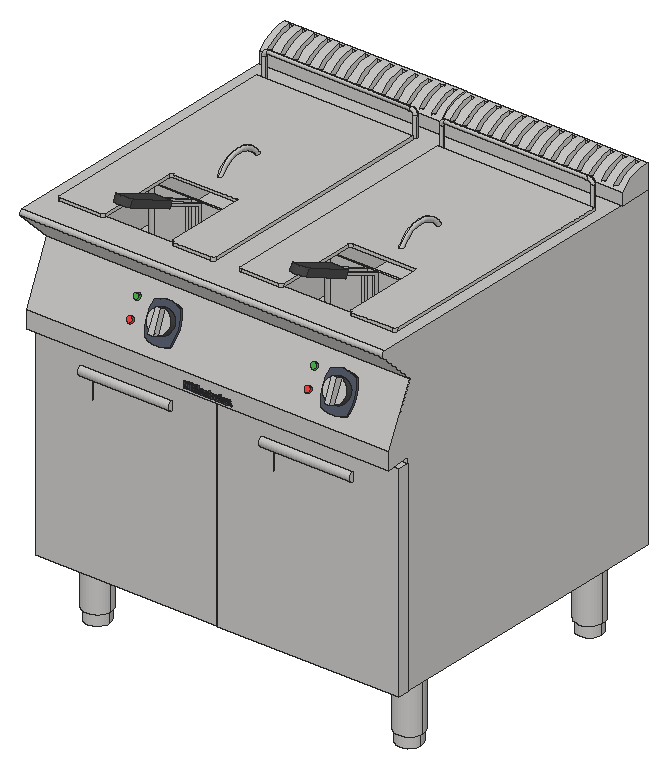
Revit family "QF_ELECTROLUXPROFESSIONAL_371082_E7FREH2GF0", category Specialty Equipment, Revit 2018
Family settings
  Round Connector Dimension = Use Diameter
  Part Type = Normal
  Work Plane-Based = No
  Always vertical = Yes
  Cut with Voids When Loaded = No
  Shared = No
  Room Calculation Point = No
Parameters
  Width = 800 mm  # constant formula
  Weight in Pounds = 179  # constant formula
  Watts = 20000 VA  # 20000 W
  Volts = 400 V  # constant formula
  URL Cutsheet = "www.electrolux.com/foodservice"
  URL = "www.electrolux.com/foodservice"
  Type Mark [instance] = ""
  Status [instance] = ""
  Specification by User [instance] = ""
  Specification by Manufacturer = ""
  Show Logo [instance] = yes
  Show Clearance [instance] = yes
  Serial Number = ""
  Seismic Rating = ""
  SMACNA No = ""
  Revision Code [instance] = ""
  Phase = 3  # constant formula
  Omniclass Number and Title = ""
  Number of Poles [instance] = 1
  NAFEM Spec ID Number = ""
  Model = "371082"
  Min Ckt Ampacity = 0 A
  Max Overcurrent Protection = 0 A
  Masterspec = ""
  Manufacturer = "ELECTROLUX"
  Item Number [instance] = ""
  Installed By [instance] = ""
  Identify Quantity as Lot [instance] = yes
  Height = 333 mm  # constant formula
  HP = "26.8 HP"
  Furnished By [instance] = ""
  Foodservice Equipment Identifier [instance] = yes
  FL Amps = if(Phase = 3, Watts / (Volts * 1.73), Watts / Volts)  # 28.9017 A
  Electrical Remarks [instance] = "400 V/3N ph/50/60 Hz"  # constant formula
  Electric Connection Type [instance] = ""
  Elec Conn RI Height [instance] = 0 mm
  Elec Conn Connection Height [instance] = 0 mm
  Direct Waste Size = 0"
  Description = "700XP Two 15 Lt. Wells Freestanding Electric Fryer - 400V"
  Depth = 730 mm  # constant formula
  Cycle = if([60 Hertz Option], 60 Hz, 50 Hz)  # 60 Hz
  Conn Plug = ""
  Conn Conduit = yes
  CSI MasterFormat = ""
  CSI Master Format = ""
  Base Height [instance] = 150 mm  # constant formula
  Apparent Power = if(Phase = 3, Volts * FL Amps * 1.73, Volts * FL Amps)  # 20000 VA
  60 Hertz Option = not([50 Hertz Option])  # yes
  50 Hertz Option = no
Reference planes
  plane 1 "BACK": y = 0
  plane 2: z = 0
  plane 3 "LEFT": x = 0
  plane 4 "RIGHT": x = 800
  plane 5 "FRONT": y = -730
  plane 6 "TOP": z = 905.238
  plane 7 "Center Y": x = 400
  plane 8 "Center X": y = -365
  plane 9 "BASE": z = 601
  plane 10 "TOP A": z = 850.238
  plane 11: y = -597.884
  plane 12: y = -147.637
  plane 13: z = 942.313
  plane 14: z = 150
Forms (mm)
  Extrusion 1, solid, material "QF_Finishes_Stainless Steel"
    sketch origin (0, 0, 0) x (0, 1, 0) y (0, 0, 1)
      loop
        line (0, 850.237) -> (-725.027, 850.237)
        arc (-725.027, 850.237) -> (-730.893, 846.318) -> (-729.517, 839.397) r 6.35
        line (-729.517, 839.397) -> (-657.416, 767.047) -> (-713.522, 646.19) -> (-713.522, 608.09) -> (-660.4, 613.7) -> (-660.4, 150) -> (0, 150) -> (0, 850.237)
      loop
        line (-661.987, 601) -> (-687.387, 601) -> (-687.387, 150) -> (-661.987, 150) -> (-661.987, 601)
    from 0 to 800
  Extrusion 2, solid, material "QF_Finishes_Stainless Steel"
    sketch origin (0, 0, 0) x (0, 1, 0) y (0, 0, 1)
      loop
        line (0, 850.237) -> (0, 905.237)
        arc (0, 905.237) -> (-38.078, 897.879) -> (-69.85, 875.637) r 93.057
        line (-69.85, 875.637) -> (-69.85, 850.237) -> (0, 850.237)
    from 0 to 800
  Extrusion 3, void
    sketch origin (0, 0, 850.238) x (-1, 0, 0) y (0, -1, 0)
      loop
        line (-33.338, 147.762) -> (-33.338, 655.762) -> (-373.012, 655.762) -> (-373.012, 147.762) -> (-33.338, 147.762)
      loop
        line (-766.662, 655.762) -> (-766.662, 147.762) -> (-426.988, 147.762) -> (-426.988, 655.762) -> (-766.662, 655.762)
    from 0 to -152.4
  Extrusion 4, void
    sketch origin (0, 0, 850.238) x (-1, 0, 0) y (0, -1, 0)
      loop
        line (-13.453, 6.761) -> (-13.453, 63.911) -> (-22.749, 63.911) -> (-22.749, 6.761) -> (-13.453, 6.761)
    from 25.4 to 63.5
  Extrusion 5, solid, material "QF_Finishes_Navy Blue"
    sketch origin (75, -713.522, 646.19) x (0, 0.421077, 0.907025) y (-1, 0, 0)
      loop
        arc (101.077, -565.788) -> (66.2, -558.771) -> (31.333, -565.832) r 89.894
        arc (31.333, -565.832) -> (24.638, -594.363) -> (31.333, -622.893) r 64.14
        arc (31.333, -622.893) -> (66.2, -629.955) -> (101.077, -622.938) r 89.894
        arc (101.077, -622.938) -> (107.792, -594.363) -> (101.077, -565.788) r 64.16
      loop
        arc (101.077, -176.965) -> (66.2, -169.948) -> (31.333, -177.01) r 89.894
        arc (31.333, -177.01) -> (24.638, -205.54) -> (31.333, -234.071) r 64.14
        arc (31.333, -234.071) -> (66.2, -241.136) -> (101.077, -234.115) r 89.853
        arc (101.077, -234.115) -> (107.792, -205.54) -> (101.077, -176.965) r 64.16
    from 0 to 3.175
  Extrusion 6, solid, material "QF_Finishes_Stainless Steel"
    sketch origin (75, -716.402, 647.527) x (0, 0.421077, 0.907025) y (-1, 0, 0)
      loop
        circle (68.826, -594.351) r 25.4
      loop
        circle (68.826, -205.413) r 25.4
    from 0 to 12.7
  Extrusion 7, solid, material "QF_Finishes_Stainless Steel"
    sketch origin (75, -727.921, 652.875) x (0, 0.421077, 0.907025) y (-1, 0, 0)
      loop
        arc (93.558, -600.137) -> (94.226, -594.351) -> (93.558, -588.564) r 25.4
        line (93.558, -588.564) -> (44.094, -588.564)
        arc (44.094, -588.564) -> (43.426, -594.351) -> (44.094, -600.137) r 25.4
        line (44.094, -600.137) -> (93.558, -600.137)
      loop
        arc (93.558, -211.199) -> (94.226, -205.413) -> (93.558, -199.627) r 25.4
        line (93.558, -199.627) -> (44.094, -199.627)
        arc (44.094, -199.627) -> (43.426, -205.413) -> (44.094, -211.199) r 25.4
        line (44.094, -211.199) -> (93.558, -211.199)
    from 0 to 12.7
  Extrusion 8, solid, material "QF_Finishes_Green"
    sketch origin (75, -713.522, 646.19) x (0, 0.421077, 0.907025) y (-1, 0, 0)
      loop
        circle (93.566, -530.485) r 6.35
      loop
        circle (93.566, -138.473) r 6.35
    from 0 to 3.175
  Extrusion 9, solid, material "QF_Finishes_Red"
    sketch origin (75, -713.522, 646.19) x (0, 0.421077, 0.907025) y (-1, 0, 0)
      loop
        circle (50.809, -530.485) r 6.35
      loop
        circle (50.809, -138.473) r 6.35
    from 0 to 3.175
  Extrusion 10, solid, material "QF_Finishes_Clearance", visible <- "Show Clearance", detail levels coarse
    sketch origin (0, 0, 0) x (1, 0, 0) y (0, 1, 0)
      loop
        line (0, -731.377) -> (0, 0) -> (800, 0) -> (800, -731.377) -> (950.019, -731.377) -> (950.019, 150.019) -> (-150.019, 150.019) -> (-150.019, -731.377) -> (0, -731.377)
    from 0 to 905.237
  Extrusion 11, solid, material "QF_Finishes_Stainless Steel"
    sketch origin (-77.88, -4572, 850.238) x (-1, 0, 0) y (0, -1, 0)
      loop
        arc (-104.867, -3916.238) -> (-106.727, -3911.748) -> (-111.217, -3909.888) r 6.35
        line (-111.217, -3909.888) -> (-200.117, -3909.888)
        arc (-200.117, -3909.888) -> (-204.607, -3911.748) -> (-206.467, -3916.238) r 6.35
        line (-206.467, -3916.238) -> (-206.467, -4090.988)
        arc (-206.467, -4090.988) -> (-208.327, -4095.479) -> (-212.817, -4097.338) r 6.35
        line (-212.817, -4097.338) -> (-349.292, -4097.338)
        arc (-349.292, -4097.338) -> (-353.782, -4095.479) -> (-355.642, -4090.988) r 6.35
        line (-355.642, -4090.988) -> (-355.642, -3916.238)
        arc (-355.642, -3916.238) -> (-357.502, -3911.748) -> (-361.992, -3909.888) r 6.35
        line (-361.992, -3909.888) -> (-444.542, -3909.888)
        arc (-444.542, -3909.888) -> (-449.032, -3911.748) -> (-450.892, -3916.238) r 6.35
        line (-450.892, -3916.238) -> (-450.892, -4459.163) -> (-104.867, -4459.163) -> (-104.867, -3916.238)
      loop
        line (-850.892, -3916.238) -> (-850.892, -4459.163) -> (-504.867, -4459.163) -> (-504.867, -3916.238)
        arc (-504.867, -3916.238) -> (-506.727, -3911.748) -> (-511.217, -3909.888) r 6.35
        line (-511.217, -3909.888) -> (-593.767, -3909.888)
        arc (-593.767, -3909.888) -> (-598.257, -3911.748) -> (-600.117, -3916.238) r 6.35
        line (-600.117, -3916.238) -> (-600.117, -4090.988)
        arc (-600.117, -4090.988) -> (-601.977, -4095.479) -> (-606.467, -4097.338) r 6.35
        line (-606.467, -4097.338) -> (-742.942, -4097.338)
        arc (-742.942, -4097.338) -> (-747.432, -4095.479) -> (-749.292, -4090.988) r 6.35
        line (-749.292, -4090.988) -> (-749.292, -3916.238)
        arc (-749.292, -3916.238) -> (-751.152, -3911.748) -> (-755.642, -3909.888) r 6.35
        line (-755.642, -3909.888) -> (-844.542, -3909.888)
        arc (-844.542, -3909.888) -> (-849.032, -3911.748) -> (-850.892, -3916.238) r 6.35
    from 0 to 6.35
  Sweep 12, solid, material "QF_Finishes_Stainless Steel"
    path origin (0, 36.513, 0) x (1, 0, 0) y (0, 0, 1)
      loop
        line (39.688, 850.238) -> (39.688, 895.713)
        arc (39.688, 895.713) -> (41.547, 900.203) -> (46.038, 902.063) r 6.35
        line (46.038, 902.063) -> (362.669, 902.063)
        arc (362.669, 902.063) -> (367.16, 900.203) -> (369.019, 895.713) r 6.35
        line (369.019, 895.713) -> (369.019, 850.237)
    profile origin (39.688, 36.513, 872.975) x (-1, 0, 0) y (0, -1, 0)
      loop
        circle (2.09, 140.754) r 3.827
  Extrusion 13, solid, material "QF_Finishes_Black"
    sketch origin (271.462, -708.83, 942.26) x (0, 0.906308, -0.422618) y (-1, 0, 0)
      loop
        line (10.103, 47.37) -> (128.716, 47.37) -> (128.716, 84.605) -> (10.103, 84.605)
        arc (10.103, 84.605) -> (-0.124, 65.987) -> (10.103, 47.37) r 22.059
    from -15.884 to 0
  Extrusion 14, solid, material "QF_Finishes_Stainless Steel"
    sketch origin (271.463, 41.275, 0) x (0, 1, 0) y (0, 0, 1)
      loop
        line (-547.91, 741.238) -> (-547.91, 842.715) -> (-635.463, 883.542) -> (-638.147, 877.787) -> (-554.26, 838.67) -> (-554.26, 741.238) -> (-547.91, 741.238)
    from -80.476 to -74.619
  Extrusion 15, solid, material "QF_Finishes_Stainless Steel"
    sketch origin (139.588, 41.275, 0) x (0, 1, 0) y (0, 0, -1)
      loop
        line (-554.26, -838.67) -> (-638.147, -877.787) -> (-635.463, -883.542) -> (-547.91, -842.715) -> (-547.91, -741.238) -> (-554.26, -741.238) -> (-554.26, -838.67)
    from -80.476 to -74.619
  Sweep 16, solid, material "QF_Finishes_Stainless Steel"
    path origin (200.025, -0.124, 0) x (0, 1, 0) y (0, 0, 1)
      loop
        arc (-323.261, 850.238) -> (-377.7, 884.016) -> (-432.139, 850.238) r 60.757
    profile origin (200.025, -377.824, 884.016) x (0, 0, -1) y (1, 0, 0)
      loop
        circle (0, 0) r 4.353
  Sweep 17, solid, material "QF_Finishes_Stainless Steel"
    path origin (600.075, -0.124, 0) x (0, 1, 0) y (0, 0, -1)
      loop
        arc (-323.261, -850.238) -> (-377.7, -884.016) -> (-432.139, -850.238) r 60.757
    profile origin (600.075, -377.824, 884.016) x (0, 0, 1) y (-1, 0, 0)
      loop
        circle (0, 0) r 4.353
  Extrusion 18, solid, material "QF_Finishes_Black"
    sketch origin (528.637, -708.83, 942.26) x (0, 0.906308, -0.422618) y (-1, 0, 0)
      loop
        arc (10.103, -47.27) -> (-0.124, -65.887) -> (10.103, -84.505) r 22.059
        line (10.103, -84.505) -> (128.716, -84.505) -> (128.716, -47.27) -> (10.103, -47.27)
    from -15.884 to 0
  Extrusion 19, solid, material "QF_Finishes_Mesh"
    sketch origin (0, 0, 850.238) x (-1, 0, 0) y (0, -1, 0)
      loop
        arc (-116.625, 189.135) -> (-98.665, 196.575) -> (-91.225, 214.535) r 25.4
        line (-91.225, 214.535) -> (-91.225, 481.11)
        arc (-91.225, 481.11) -> (-98.665, 499.071) -> (-116.625, 506.51) r 25.4
        line (-116.625, 506.51) -> (-294.375, 506.51)
        arc (-294.375, 506.51) -> (-312.336, 499.071) -> (-319.775, 481.11) r 25.4
        line (-319.775, 481.11) -> (-319.775, 214.535)
        arc (-319.775, 214.535) -> (-312.336, 196.575) -> (-294.375, 189.135) r 25.4
        line (-294.375, 189.135) -> (-116.625, 189.135)
      loop
        arc (-116.625, 192.31) -> (-100.91, 198.82) -> (-94.4, 214.535) r 22.225
        line (-94.4, 214.535) -> (-94.4, 481.11)
        arc (-94.4, 481.11) -> (-100.91, 496.826) -> (-116.625, 503.335) r 22.225
        line (-116.625, 503.335) -> (-294.375, 503.335)
        arc (-294.375, 503.335) -> (-310.091, 496.826) -> (-316.6, 481.11) r 22.225
        line (-316.6, 481.11) -> (-316.6, 214.535)
        arc (-316.6, 214.535) -> (-310.091, 198.82) -> (-294.375, 192.31) r 22.225
        line (-294.375, 192.31) -> (-116.625, 192.31)
      loop
        line (-683.375, 189.135) -> (-505.625, 189.135)
        arc (-505.625, 189.135) -> (-487.664, 196.575) -> (-480.225, 214.535) r 25.4
        line (-480.225, 214.535) -> (-480.225, 481.11)
        arc (-480.225, 481.11) -> (-487.664, 499.071) -> (-505.625, 506.51) r 25.4
        line (-505.625, 506.51) -> (-683.375, 506.51)
        arc (-683.375, 506.51) -> (-701.335, 499.071) -> (-708.775, 481.11) r 25.4
        line (-708.775, 481.11) -> (-708.775, 214.535)
        arc (-708.775, 214.535) -> (-701.335, 196.575) -> (-683.375, 189.135) r 25.4
      loop
        line (-683.375, 192.31) -> (-505.625, 192.31)
        arc (-505.625, 192.31) -> (-489.909, 198.82) -> (-483.4, 214.535) r 22.225
        line (-483.4, 214.535) -> (-483.4, 481.11)
        arc (-483.4, 481.11) -> (-489.909, 496.826) -> (-505.625, 503.335) r 22.225
        line (-505.625, 503.335) -> (-683.375, 503.335)
        arc (-683.375, 503.335) -> (-699.09, 496.826) -> (-705.6, 481.11) r 22.225
        line (-705.6, 481.11) -> (-705.6, 214.535)
        arc (-705.6, 214.535) -> (-699.09, 198.82) -> (-683.375, 192.31) r 22.225
    from -109 to -5.315
  Extrusion 20, solid, material "QF_Finishes_Stainless Steel"
    sketch origin (528.637, 41.275, 0) x (0, 1, 0) y (0, 0, -1)
      loop
        line (-547.91, -741.238) -> (-554.26, -741.238) -> (-554.26, -838.67) -> (-638.147, -877.787) -> (-635.463, -883.542) -> (-547.91, -842.715) -> (-547.91, -741.238)
    from -80.476 to -74.619
  Extrusion 21, solid, material "QF_Finishes_Stainless Steel"
    sketch origin (660.512, 41.275, 0) x (0, 1, 0) y (0, 0, 1)
      loop
        line (-554.26, 838.67) -> (-554.26, 741.238) -> (-547.91, 741.238) -> (-547.91, 842.715) -> (-635.463, 883.542) -> (-638.147, 877.787) -> (-554.26, 838.67)
    from -80.476 to -74.619
  Sweep 22, solid, material "QF_Finishes_Stainless Steel"
    path origin (800.1, 36.513, 0) x (-1, 0, 0) y (0, 0, -1)
      loop
        line (39.788, -850.238) -> (39.788, -895.713)
        arc (39.788, -895.713) -> (41.647, -900.203) -> (46.138, -902.063) r 6.35
        line (46.138, -902.063) -> (362.769, -902.063)
        arc (362.769, -902.063) -> (367.26, -900.203) -> (369.119, -895.713) r 6.35
        line (369.119, -895.713) -> (369.119, -850.237)
    profile origin (760.312, 36.513, 872.975) x (-1, 0, 0) y (0, -1, 0)
      loop
        circle (-2.09, 140.754) r 3.827
  Extrusion 23, void
    sketch origin (361.95, 0, 850.237) x (-1, 0, 0) y (0, -1, 0)
      loop
        line (-13.403, 6.761) -> (-13.403, 63.911) -> (-22.699, 63.911) -> (-22.699, 6.761) -> (-13.403, 6.761)
    from 25.4 to 63.5
  Extrusion 24, void
    sketch origin (27.842, 0, 850.238) x (-1, 0, 0) y (0, -1, 0)
      loop
        line (-13.453, 6.761) -> (-13.453, 63.911) -> (-22.749, 63.911) -> (-22.749, 6.761) -> (-13.453, 6.761)
    from 25.4 to 63.5
  Extrusion 25, void
    sketch origin (55.685, 0, 850.238) x (-1, 0, 0) y (0, -1, 0)
      loop
        line (-13.453, 6.761) -> (-13.453, 63.911) -> (-22.749, 63.911) -> (-22.749, 6.761) -> (-13.453, 6.761)
    from 25.4 to 63.5
  Extrusion 26, void
    sketch origin (83.527, 0, 850.238) x (-1, 0, 0) y (0, -1, 0)
      loop
        line (-13.453, 6.761) -> (-13.453, 63.911) -> (-22.749, 63.911) -> (-22.749, 6.761) -> (-13.453, 6.761)
    from 25.4 to 63.5
  Extrusion 27, void
    sketch origin (111.369, 0, 850.237) x (-1, 0, 0) y (0, -1, 0)
      loop
        line (-13.453, 6.761) -> (-13.453, 63.911) -> (-22.749, 63.911) -> (-22.749, 6.761) -> (-13.453, 6.761)
    from 25.4 to 63.5
  Extrusion 28, void
    sketch origin (139.212, 0, 850.237) x (-1, 0, 0) y (0, -1, 0)
      loop
        line (-13.453, 6.761) -> (-13.453, 63.911) -> (-22.749, 63.911) -> (-22.749, 6.761) -> (-13.453, 6.761)
    from 25.4 to 63.5
  Extrusion 29, void
    sketch origin (167.054, 0, 850.237) x (-1, 0, 0) y (0, -1, 0)
      loop
        line (-13.453, 6.761) -> (-13.453, 63.911) -> (-22.749, 63.911) -> (-22.749, 6.761) -> (-13.453, 6.761)
    from 25.4 to 63.5
  Extrusion 30, void
    sketch origin (194.896, 0, 850.237) x (-1, 0, 0) y (0, -1, 0)
      loop
        line (-13.403, 6.761) -> (-13.403, 63.911) -> (-22.699, 63.911) -> (-22.699, 6.761) -> (-13.403, 6.761)
    from 25.4 to 63.5
  Extrusion 31, void
    sketch origin (222.738, 0, 850.237) x (-1, 0, 0) y (0, -1, 0)
      loop
        line (-13.403, 6.761) -> (-13.403, 63.911) -> (-22.699, 63.911) -> (-22.699, 6.761) -> (-13.403, 6.761)
    from 25.4 to 63.5
  Extrusion 32, void
    sketch origin (250.581, 0, 850.237) x (-1, 0, 0) y (0, -1, 0)
      loop
        line (-13.403, 6.761) -> (-13.403, 63.911) -> (-22.699, 63.911) -> (-22.699, 6.761) -> (-13.403, 6.761)
    from 25.4 to 63.5
  Extrusion 33, void
    sketch origin (278.423, 0, 850.237) x (-1, 0, 0) y (0, -1, 0)
      loop
        line (-13.403, 6.761) -> (-13.403, 63.911) -> (-22.699, 63.911) -> (-22.699, 6.761) -> (-13.403, 6.761)
    from 25.4 to 63.5
  Extrusion 34, void
    sketch origin (306.265, 0, 850.237) x (-1, 0, 0) y (0, -1, 0)
      loop
        line (-13.403, 6.761) -> (-13.403, 63.911) -> (-22.699, 63.911) -> (-22.699, 6.761) -> (-13.403, 6.761)
    from 25.4 to 63.5
  Extrusion 35, void
    sketch origin (334.108, 0, 850.237) x (-1, 0, 0) y (0, -1, 0)
      loop
        line (-13.403, 6.761) -> (-13.403, 63.911) -> (-22.699, 63.911) -> (-22.699, 6.761) -> (-13.403, 6.761)
    from 25.4 to 63.5
  Extrusion 36, void
    sketch origin (800.1, 0, 850.237) x (1, 0, 0) y (0, 1, 0)
      loop
        line (-13.553, -6.761) -> (-22.849, -6.761) -> (-22.849, -63.911) -> (-13.553, -63.911) -> (-13.553, -6.761)
    from 25.4 to 63.5
  Extrusion 37, void
    sketch origin (438.15, 0, 850.237) x (1, 0, 0) y (0, 1, 0)
      loop
        line (-13.503, -6.761) -> (-22.799, -6.761) -> (-22.799, -63.911) -> (-13.503, -63.911) -> (-13.503, -6.761)
    from 25.4 to 63.5
  Extrusion 38, void
    sketch origin (772.258, 0, 850.237) x (1, 0, 0) y (0, 1, 0)
      loop
        line (-13.553, -6.761) -> (-22.849, -6.761) -> (-22.849, -63.911) -> (-13.553, -63.911) -> (-13.553, -6.761)
    from 25.4 to 63.5
  Extrusion 39, void
    sketch origin (744.415, 0, 850.237) x (1, 0, 0) y (0, 1, 0)
      loop
        line (-13.553, -6.761) -> (-22.849, -6.761) -> (-22.849, -63.911) -> (-13.553, -63.911) -> (-13.553, -6.761)
    from 25.4 to 63.5
  Extrusion 40, void
    sketch origin (716.573, 0, 850.237) x (1, 0, 0) y (0, 1, 0)
      loop
        line (-13.553, -6.761) -> (-22.849, -6.761) -> (-22.849, -63.911) -> (-13.553, -63.911) -> (-13.553, -6.761)
    from 25.4 to 63.5
  Extrusion 41, void
    sketch origin (688.731, 0, 850.237) x (1, 0, 0) y (0, 1, 0)
      loop
        line (-13.553, -6.761) -> (-22.849, -6.761) -> (-22.849, -63.911) -> (-13.553, -63.911) -> (-13.553, -6.761)
    from 25.4 to 63.5
  Extrusion 42, void
    sketch origin (660.888, 0, 850.237) x (1, 0, 0) y (0, 1, 0)
      loop
        line (-13.553, -6.761) -> (-22.849, -6.761) -> (-22.849, -63.911) -> (-13.553, -63.911) -> (-13.553, -6.761)
    from 25.4 to 63.5
  Extrusion 43, void
    sketch origin (633.046, 0, 850.237) x (1, 0, 0) y (0, 1, 0)
      loop
        line (-13.553, -6.761) -> (-22.849, -6.761) -> (-22.849, -63.911) -> (-13.553, -63.911) -> (-13.553, -6.761)
    from 25.4 to 63.5
  Extrusion 44, void
    sketch origin (605.204, 0, 850.237) x (1, 0, 0) y (0, 1, 0)
      loop
        line (-13.503, -6.761) -> (-22.799, -6.761) -> (-22.799, -63.911) -> (-13.503, -63.911) -> (-13.503, -6.761)
    from 25.4 to 63.5
  Extrusion 45, void
    sketch origin (577.362, 0, 850.237) x (1, 0, 0) y (0, 1, 0)
      loop
        line (-13.503, -6.761) -> (-22.799, -6.761) -> (-22.799, -63.911) -> (-13.503, -63.911) -> (-13.503, -6.761)
    from 25.4 to 63.5
  Extrusion 46, void
    sketch origin (549.519, 0, 850.237) x (1, 0, 0) y (0, 1, 0)
      loop
        line (-13.503, -6.761) -> (-22.799, -6.761) -> (-22.799, -63.911) -> (-13.503, -63.911) -> (-13.503, -6.761)
    from 25.4 to 63.5
  Extrusion 47, void
    sketch origin (521.677, 0, 850.237) x (1, 0, 0) y (0, 1, 0)
      loop
        line (-13.503, -6.761) -> (-22.799, -6.761) -> (-22.799, -63.911) -> (-13.503, -63.911) -> (-13.503, -6.761)
    from 25.4 to 63.5
  Extrusion 48, void
    sketch origin (493.835, 0, 850.237) x (1, 0, 0) y (0, 1, 0)
      loop
        line (-13.503, -6.761) -> (-22.799, -6.761) -> (-22.799, -63.911) -> (-13.503, -63.911) -> (-13.503, -6.761)
    from 25.4 to 63.5
  Extrusion 49, void
    sketch origin (465.992, 0, 850.237) x (1, 0, 0) y (0, 1, 0)
      loop
        line (-13.503, -6.761) -> (-22.799, -6.761) -> (-22.799, -63.911) -> (-13.503, -63.911) -> (-13.503, -6.761)
    from 25.4 to 63.5
  Extrusion 50, void
    sketch origin (418.151, 0, 850.237) x (1, 0, 0) y (0, 1, 0)
      loop
        line (-16.563, 0) -> (-19.738, 0) -> (-19.738, -69.85) -> (-16.563, -69.85) -> (-16.563, 0)
    from 25.4 to 63.5
  Extrusion 51, void
    sketch origin (0, -660.4, 601) x (0, 0, 1) y (-1, 0, 0)
      loop
        line (0, -398.363) -> (-451, -398.363) -> (-451, -401.538) -> (0, -401.538) -> (0, -398.363)
    from 0 to 27
  Extrusion 52, void
    sketch origin (200.025, 0, 0) x (0, 1, 0) y (0, 0, 1)
      loop
        line (-687.137, 541) -> (-687.137, 499.788) -> (-672.137, 541) -> (-687.137, 541)
    from -75 to 75
  Extrusion 53, solid, material "QF_Finishes_Stainless Steel"
    sketch origin (200.025, 0, 0) x (0, 1, 0) y (0, 0, 1)
      loop
        line (-687.137, 541) -> (-687.137, 561)
        arc (-687.137, 561) -> (-697.137, 551) -> (-687.137, 541) r 10
    from -100 to 100
  Extrusion 54, void
    sketch origin (600.075, 0, 0) x (0, 1, 0) y (0, 0, -1)
      loop
        line (-687.137, -541) -> (-672.137, -541) -> (-687.137, -499.788) -> (-687.137, -541)
    from -75 to 75
  Extrusion 55, solid, material "QF_Finishes_Stainless Steel"
    sketch origin (600.075, 0, 0) x (0, 1, 0) y (0, 0, -1)
      loop
        arc (-687.137, -541) -> (-697.137, -551) -> (-687.137, -561) r 10
        line (-687.137, -561) -> (-687.137, -541)
    from -100 to 100
  Revolve 56, solid, material "QF_Finishes_Stainless Steel"
    sketch origin (0, -587.387, 608.09) x (0, 0, 1) y (-1, 0, 0)
      loop
        line (-608.09, -56) -> (-458.09, -56) -> (-458.09, -26) -> (-583.09, -26) -> (-583.09, -29.75) -> (-608.09, -29.75) -> (-608.09, -56)
      axis (-608.09, -56) -> (-458.09, -56)
    angle from 0 to 360
  Revolve 57, solid, material "QF_Finishes_Stainless Steel"
    sketch origin (0, -90, 608.09) x (0, 0, 1) y (-1, 0, 0)
      loop
        line (-608.09, -56) -> (-458.09, -56) -> (-458.09, -26) -> (-583.09, -26) -> (-583.09, -29.75) -> (-608.09, -29.75) -> (-608.09, -56)
      axis (-608.09, -56) -> (-458.09, -56)
    angle from 0 to 360
  Revolve 58, solid, material "QF_Finishes_Stainless Steel"
    sketch origin (800.1, -587.387, 608.09) x (0, 0, 1) y (-1, 0, 0)
      loop
        line (-608.09, 56.1) -> (-608.09, 29.85) -> (-583.09, 29.85) -> (-583.09, 26.1) -> (-458.09, 26.1) -> (-458.09, 56.1) -> (-608.09, 56.1)
      axis (-608.09, 56.1) -> (-458.09, 56.1)
    angle from 0 to 360
  Revolve 59, solid, material "QF_Finishes_Stainless Steel"
    sketch origin (800.1, -90, 608.09) x (0, 0, 1) y (-1, 0, 0)
      loop
        line (-608.09, 56.1) -> (-608.09, 29.85) -> (-583.09, 29.85) -> (-583.09, 26.1) -> (-458.09, 26.1) -> (-458.09, 56.1) -> (-608.09, 56.1)
      axis (-608.09, 56.1) -> (-458.09, 56.1)
    angle from 0 to 360
  Extrusion 60, solid, material "QF_Finishes_Door Clearance", visible <- "Show Clearance", detail levels coarse
    sketch origin (0, 0, 850.238) x (-1, 0, 0) y (0, -1, 0)
      loop
        arc (-401.587, 687.137) -> (-518.28, 968.858) -> (-800, 1085.55) r 398.413
        line (-800, 1085.55) -> (-800, 687.137) -> (-401.587, 687.137)
      loop
        line (-398.412, 687.138) -> (0, 687.137) -> (0, 1085.55)
        arc (0, 1085.55) -> (-281.72, 968.858) -> (-398.412, 687.138) r 398.412
    from -700.237 to -249.237
  Extrusion 61, solid, material "QF_Finishes_Stainless Steel"
    sketch origin (-77.88, -4572, 601) x (-1, 0, 0) y (0, -1, 0)
      loop
        circle (-837.88, -4044) r 12.7
    from 0 to -12.7
  Extrusion 62, solid, material "QF_Finishes_Navy Blue", visible <- "Show Logo"
    sketch origin (60.791, -713.772, 608.09) x (0, 0, 1) y (-1, 0, 0)
      loop
        line (20.674, -296.698) -> (8.307, -296.698)
        arc (8.307, -296.698) -> (14.491, -301.27) -> (20.674, -296.698) r 6.467
      loop
        arc (20.674, -296.069) -> (19.505, -290.926) -> (14.849, -288.448) r 6.338
        line (14.849, -288.448) -> (14.849, -290.494)
        arc (14.849, -290.494) -> (16.333, -294.149) -> (19.778, -296.069) r 5.941
        line (19.778, -296.069) -> (20.674, -296.069)
      loop
        arc (9.203, -296.069) -> (12.648, -294.149) -> (14.132, -290.494) r 5.941
        line (14.132, -290.494) -> (14.132, -288.448)
        arc (14.132, -288.448) -> (9.438, -290.922) -> (8.148, -296.069) r 6.504
        line (8.148, -296.069) -> (9.203, -296.069)
      loop
        line (21.349, -287.979) -> (7.604, -287.979) -> (7.604, -301.742) -> (21.349, -301.742) -> (21.349, -287.979)
      loop
        arc (21.432, -304.71) -> (21.085, -304.352) -> (20.718, -304.69) r 0.358
        arc (20.718, -304.69) -> (20.404, -305.44) -> (19.687, -305.825) r 1.216
        line (19.687, -305.825) -> (9.274, -305.825)
        arc (9.274, -305.825) -> (8.614, -305.548) -> (8.218, -304.951) r 1.238
        arc (8.218, -304.951) -> (7.823, -304.7) -> (7.518, -305.054) r 0.358
        line (7.518, -305.054) -> (7.518, -314.933) -> (10.269, -314.933) -> (10.269, -314.036)
        arc (10.269, -314.036) -> (9.36, -313.456) -> (8.904, -312.479) r 1.928
        line (8.904, -312.479) -> (8.904, -309.98)
        arc (8.904, -309.98) -> (9.18, -309.251) -> (9.868, -308.887) r 1.101
        line (9.868, -308.887) -> (13.955, -308.887) -> (13.955, -312.561)
        arc (13.955, -312.561) -> (13.602, -313.058) -> (13.037, -313.286) r 1.083
        arc (13.037, -313.286) -> (12.773, -313.591) -> (13.065, -313.869) r 0.292
        line (13.065, -313.869) -> (16.028, -313.869)
        arc (16.028, -313.869) -> (16.33, -313.596) -> (16.092, -313.266) r 0.305
        arc (16.092, -313.266) -> (15.601, -313.018) -> (15.296, -312.561) r 1.083
        line (15.296, -312.561) -> (15.296, -308.887) -> (19.973, -308.887) -> (19.973, -312.635)
        arc (19.973, -312.635) -> (19.759, -313.39) -> (19.153, -313.888) r 1.314
        arc (19.153, -313.888) -> (18.934, -314.292) -> (19.288, -314.585) r 0.361
        line (19.288, -314.585) -> (21.432, -314.585) -> (21.432, -304.71)
      loop
        arc (20.715, -315.365) -> (20.335, -316.284) -> (19.416, -316.664) r 1.299
        line (19.416, -316.664) -> (9.837, -316.664)
        arc (9.837, -316.664) -> (8.999, -316.286) -> (8.728, -315.408) r 1.118
        line (8.728, -315.408) -> (7.518, -315.408) -> (7.518, -320.758) -> (8.706, -320.758)
        arc (8.706, -320.758) -> (8.978, -319.841) -> (9.848, -319.445) r 1.153
        line (9.848, -319.445) -> (21.92, -319.445) -> (20.715, -315.365)
      loop
        line (12.483, -323.394) -> (12.483, -329.842) -> (13.282, -329.842)
        arc (13.282, -329.842) -> (15.862, -328.857) -> (17.131, -326.404) r 3.874
        line (17.131, -326.404) -> (17.131, -324.643)
        arc (17.131, -324.643) -> (15.944, -321.778) -> (13.08, -320.592) r 4.051
        line (13.08, -320.592) -> (11.072, -320.592)
        arc (11.072, -320.592) -> (8.253, -322.077) -> (7.202, -325.084) r 4.352
        arc (7.202, -325.084) -> (7.566, -327.547) -> (8.943, -329.621) r 5.713
        line (8.943, -329.621) -> (9.892, -329.621)
        arc (9.892, -329.621) -> (9.16, -328.052) -> (8.943, -326.334) r 5.579
        arc (8.943, -326.334) -> (9.737, -324.371) -> (11.616, -323.394) r 3.057
        line (11.616, -323.394) -> (12.483, -323.394)
      loop
        line (13.742, -323.394) -> (13.742, -326.977)
        arc (13.742, -326.977) -> (15.199, -327.024) -> (16.082, -325.864) r 1.59
        line (16.082, -325.864) -> (16.082, -325.034)
        arc (16.082, -325.034) -> (15.217, -323.779) -> (13.742, -323.394) r 2.184
      loop
        arc (16.533, -339.259) -> (17.022, -337.585) -> (17.179, -335.848) r 9.023
        line (17.179, -335.848) -> (17.179, -334.486)
        arc (17.179, -334.486) -> (16.02, -331.686) -> (13.22, -330.527) r 3.959
        line (13.22, -330.527) -> (10.62, -330.527)
        arc (10.62, -330.527) -> (8.338, -331.819) -> (7.221, -334.192) r 4.331
        line (7.221, -334.192) -> (7.221, -336.327)
        arc (7.221, -336.327) -> (7.729, -337.877) -> (8.651, -339.223) r 5.772
        arc (8.651, -339.223) -> (9.412, -339.274) -> (9.499, -338.515) r 0.553
        arc (9.499, -338.515) -> (9.111, -337.781) -> (8.977, -336.962) r 2.573
        line (8.977, -336.962) -> (8.977, -335.447)
        arc (8.977, -335.447) -> (9.983, -333.806) -> (11.798, -333.163) r 2.884
        line (11.798, -333.163) -> (13.077, -333.163)
        arc (13.077, -333.163) -> (14.898, -333.723) -> (15.824, -335.388) r 2.554
        line (15.824, -335.388) -> (15.824, -336.441)
        arc (15.824, -336.441) -> (15.493, -337.369) -> (14.836, -338.104) r 2.564
        arc (14.836, -338.104) -> (14.614, -338.821) -> (15.223, -339.259) r 0.643
        line (15.223, -339.259) -> (16.533, -339.259)
      loop
        line (15.515, -339.53) -> (15.515, -341.031) -> (9.467, -341.031)
        arc (9.467, -341.031) -> (7.879, -341.688) -> (7.221, -343.276) r 2.246
        line (7.221, -343.276) -> (7.221, -344.86)
        arc (7.221, -344.86) -> (7.535, -345.725) -> (8.035, -346.496) r 4.06
        arc (8.035, -346.496) -> (8.768, -346.629) -> (9.019, -345.928) r 0.576
        arc (9.019, -345.928) -> (8.913, -345.403) -> (8.977, -344.87) r 1.69
        arc (8.977, -344.87) -> (9.519, -344.082) -> (10.425, -343.779) r 1.506
        line (10.425, -343.779) -> (15.563, -343.779) -> (15.563, -346.176) -> (16.119, -346.733) -> (16.941, -346.733) -> (16.941, -343.873) -> (20.172, -343.873) -> (15.515, -339.53)
      loop
        line (7.438, -347.63) -> (7.438, -353.017) -> (8.548, -353.017)
        arc (8.548, -353.017) -> (8.942, -352.066) -> (9.893, -351.672) r 1.345
        line (9.893, -351.672) -> (13.509, -351.672)
        arc (13.509, -351.672) -> (14.274, -352.264) -> (14.564, -353.186) r 1.615
        line (14.564, -353.186) -> (14.564, -354.742) -> (17.119, -355.427) -> (17.119, -354.044) -> (15.177, -351.485) -> (17.057, -351.485) -> (16.773, -348.779)
        arc (16.773, -348.779) -> (16.333, -348.249) -> (15.674, -348.45) r 0.621
        arc (15.674, -348.45) -> (15.274, -348.792) -> (14.78, -348.975) r 1.501
        line (14.78, -348.975) -> (9.893, -348.975)
        arc (9.893, -348.975) -> (8.942, -348.581) -> (8.548, -347.63) r 1.345
        line (8.548, -347.63) -> (7.438, -347.63)
      loop
        line (13.54, -354.964) -> (10.848, -354.964)
        arc (10.848, -354.964) -> (8.403, -356.272) -> (7.269, -358.803) r 4.288
        arc (7.269, -358.803) -> (7.205, -360.183) -> (7.269, -361.563) r 15.022
        arc (7.269, -361.563) -> (8.403, -364.094) -> (10.848, -365.401) r 4.288
        line (10.848, -365.401) -> (13.54, -365.401)
        arc (13.54, -365.401) -> (15.986, -364.094) -> (17.119, -361.563) r 4.288
        arc (17.119, -361.563) -> (17.183, -360.183) -> (17.119, -358.803) r 15.022
        arc (17.119, -358.803) -> (15.986, -356.272) -> (13.54, -354.964) r 4.288
      loop
        line (13.745, -358.078) -> (10.643, -358.078)
        arc (10.643, -358.078) -> (8.486, -360.235) -> (10.643, -362.392) r 2.157
        line (10.643, -362.392) -> (13.745, -362.392)
        arc (13.745, -362.392) -> (15.902, -360.235) -> (13.745, -358.078) r 2.157
      loop
        arc (20.726, -365.26) -> (20.355, -366.154) -> (19.461, -366.524) r 1.264
        line (19.461, -366.524) -> (9.597, -366.524)
        arc (9.597, -366.524) -> (8.727, -366.127) -> (8.455, -365.211) r 1.153
        line (8.455, -365.211) -> (7.518, -365.211) -> (7.518, -370.319) -> (8.446, -370.319)
        arc (8.446, -370.319) -> (8.805, -369.547) -> (9.597, -369.232) r 1.153
        line (9.597, -369.232) -> (21.92, -369.232) -> (20.726, -365.26)
      loop
        arc (15.846, -369.857) -> (15.647, -370.921) -> (14.678, -371.403) r 1.215
        line (14.678, -371.403) -> (9.658, -371.403)
        arc (9.658, -371.403) -> (8.043, -372.051) -> (7.322, -373.634) r 2.338
        line (7.322, -373.634) -> (7.322, -375.148)
        arc (7.322, -375.148) -> (7.497, -376.152) -> (7.999, -377.038) r 2.979
        line (7.999, -377.038) -> (7.518, -378.835) -> (7.518, -380.524) -> (16.943, -380.524) -> (16.649, -376.32) -> (15.863, -376.32)
        arc (15.863, -376.32) -> (15.507, -377.156) -> (14.755, -377.665) r 1.605
        line (14.755, -377.665) -> (9.652, -377.665)
        arc (9.652, -377.665) -> (9.232, -376.728) -> (9.159, -375.704) r 2.94
        arc (9.159, -375.704) -> (9.72, -374.603) -> (10.873, -374.16) r 1.724
        line (10.873, -374.16) -> (17.07, -374.16) -> (15.846, -369.857)
      loop
        line (16.874, -381.377) -> (15.202, -383.423) -> (12.028, -385.729) -> (8.572, -382.617)
        arc (8.572, -382.617) -> (8.335, -382.223) -> (8.357, -381.764) r 0.789
        line (8.357, -381.764) -> (7.518, -381.764) -> (7.518, -385.309) -> (8.344, -385.309)
        arc (8.344, -385.309) -> (8.686, -384.947) -> (9.176, -385.039) r 0.52
        line (9.176, -385.039) -> (10.976, -386.51) -> (8.858, -387.886)
        arc (8.858, -387.886) -> (8.457, -387.576) -> (8.37, -387.076) r 0.7
        line (8.37, -387.076) -> (7.518, -387.076) -> (7.518, -393.003) -> (8.405, -393.003)
        arc (8.405, -393.003) -> (8.472, -392.344) -> (8.866, -391.813) r 1.247
        line (8.866, -391.813) -> (13.066, -388.532) -> (15.513, -390.585) -> (16.874, -392.327) -> (16.874, -388.604) -> (15.389, -389.026) -> (13.868, -387.749) -> (15.568, -386.559) -> (16.874, -387.336) -> (16.874, -381.377)
    from 0 to 1.644
Cuts and joins
  Extrusion 3, Extrusion 4, Extrusion 51, Extrusion 52, Extrusion 54 cuts Extrusion 1
  Extrusion 4, Extrusion 23, Extrusion 24, Extrusion 25, Extrusion 26, Extrusion 27, Extrusion 28, Extrusion 29, Extrusion 30, Extrusion 31, Extrusion 32, Extrusion 33, Extrusion 34, Extrusion 35, Extrusion 36, Extrusion 37, Extrusion 38, Extrusion 39, Extrusion 40, Extrusion 41, Extrusion 42, Extrusion 43, Extrusion 44, Extrusion 45, Extrusion 46, Extrusion 47, Extrusion 48, Extrusion 49, Extrusion 50 cuts Extrusion 2
  joined: Extrusion 6, Extrusion 7
  joined: Extrusion 11, Sweep 16, Sweep 17
  Extrusion 23, Extrusion 24, Extrusion 25, Extrusion 26, Extrusion 27, Extrusion 28, Extrusion 29, Extrusion 30, Extrusion 31, Extrusion 32, Extrusion 33, Extrusion 34, Extrusion 35, Extrusion 36, Extrusion 37, Extrusion 38, Extrusion 39, Extrusion 40, Extrusion 41, Extrusion 42, Extrusion 43, Extrusion 44, Extrusion 45, Extrusion 46, Extrusion 47, Extrusion 48, Extrusion 49, Extrusion 50, Extrusion 52, Extrusion 54 cuts Extrusion 10
  Extrusion 52, Extrusion 54 cuts Extrusion 53
  Extrusion 54 cuts Extrusion 55
Lines and regions (mm)
  symbolic lines, style "QF-Clearances", visible <- "Show Clearance", detail levels coarse
    curve 1: line (-150.019, 150.019, 850.238) -> (-150.019, -731.377, 850.238)
    curve 2: line (950.019, 150.019, 850.237) -> (-150.019, 150.019, 850.238)
    curve 3: line (950.019, -731.377, 850.237) -> (950.019, 150.019, 850.237)
  symbolic lines
    curve 4: line (0, 0, 850.238) -> (800, 0, 850.237)
    curve 5: line (0, -730, 850.238) -> (0, 0, 850.238)
    curve 6: line (800, -730, 850.237) -> (0, -730, 850.238)
    curve 7: line (800, 0, 850.237) -> (800, -730, 850.237)
    curve 8: line (22.699, -6.761, 850.238) -> (22.699, -63.911, 850.238)
    curve 9: line (13.403, -63.911, 850.238) -> (13.403, -6.761, 850.238)
    curve 10: line (13.403, -6.761, 850.238) -> (22.699, -6.761, 850.238)
    curve 11: line (26.988, -112.837, 850.238) -> (26.988, -655.762, 850.238)
    curve 12: arc (26.988, -655.762, 850.238) -> (28.847, -660.252, 850.238) -> (33.338, -662.112, 850.238) r 6.35
    curve 13: line (33.338, -662.112, 850.238) -> (122.188, -662.112, 850.237)
    curve 14: arc (122.188, -662.112, 850.237) -> (126.678, -660.252, 850.237) -> (128.538, -655.762, 850.237) r 6.35
    curve 15: line (128.538, -655.762, 850.237) -> (128.538, -481.012, 850.237)
    curve 16: arc (128.537, -481.012, 850.237) -> (130.397, -476.521, 850.237) -> (134.887, -474.662, 850.237) r 6.35
    curve 17: line (134.887, -474.662, 850.237) -> (271.412, -474.662, 850.237)
    curve 18: arc (271.412, -474.662, 850.237) -> (275.903, -476.521, 850.237) -> (277.762, -481.012, 850.237) r 6.35
    curve 19: line (277.762, -481.012, 850.237) -> (277.762, -655.762, 850.237)
    curve 20: arc (277.762, -655.762, 850.237) -> (279.622, -660.252, 850.237) -> (284.112, -662.112, 850.237) r 6.35
    curve 21: line (284.112, -662.112, 850.237) -> (366.662, -662.112, 850.237)
    curve 22: arc (366.662, -662.112, 850.237) -> (371.153, -660.252, 850.237) -> (373.012, -655.762, 850.237) r 6.35
    curve 23: line (373.012, -655.762, 850.237) -> (373.012, -112.837, 850.237)
    curve 24: line (373.012, -112.837, 850.237) -> (26.988, -112.837, 850.238)
    curve 25: line (0, -69.85, 850.238) -> (398.413, -69.85, 850.237)
    curve 26: line (224.093, -706.386, 850.237) -> (224.093, -592.174, 850.237)
    curve 27: line (224.093, -592.174, 850.237) -> (186.858, -592.174, 850.237)
    curve 28: line (186.858, -592.174, 850.237) -> (186.858, -706.386, 850.237)
    curve 29: spline (224.093, -706.386, 850.237) -> (221.86, -709.048, 850.237) -> (219.17, -711.336, 850.237) -> (216.096, -713.185, 850.237) -> (212.725, -714.544, 850.237) -> (209.152, -715.375, 850.237) -> (205.475, -715.655, 850.237) -> (201.799, -715.375, 850.237) -> (198.225, -714.544, 850.237) -> (194.855, -713.185, 850.237) -> (191.781, -711.336, 850.237) -> (189.09, -709.048, 850.237) -> (186.858, -706.386, 850.237)
    curve 30: line (128.538, -655.762, 850.237) -> (186.858, -655.762, 850.237)
    curve 31: line (224.093, -655.762, 850.237) -> (277.762, -655.762, 850.237)
    curve 32: line (196.794, -506.51, 850.237) -> (196.794, -592.174, 850.237)
    curve 33: line (190.937, -592.174, 850.237) -> (190.937, -506.51, 850.237)
    curve 34: line (220.014, -506.51, 850.237) -> (220.014, -592.174, 850.237)
    curve 35: line (214.157, -592.174, 850.237) -> (214.157, -506.51, 850.237)
    curve 36: spline (186.858, -699.673, 850.237) -> (189.09, -702.336, 850.237) -> (191.781, -704.623, 850.237) -> (194.855, -706.473, 850.237) -> (198.225, -707.832, 850.237) -> (201.799, -708.663, 850.237) -> (205.475, -708.942, 850.237) -> (209.152, -708.663, 850.237) -> (212.725, -707.832, 850.237) -> (216.096, -706.473, 850.237) -> (219.17, -704.623, 850.237) -> (221.86, -702.336, 850.237) -> (224.093, -699.673, 850.237)
    curve 37: line (195.52, -428.432, 850.237) -> (195.52, -326.969, 850.237)
    curve 38: line (204.418, -326.969, 850.237) -> (204.418, -428.432, 850.237)
    curve 39: arc (195.52, -428.432, 850.237) -> (199.969, -432.882, 850.237) -> (204.418, -428.432, 850.237) r 4.449
    curve 40: arc (195.52, -326.969, 850.237) -> (199.969, -322.52, 850.237) -> (204.418, -326.969, 850.237) r 4.449
    curve 41: line (128.538, -503.335, 850.237) -> (277.762, -503.335, 850.237)
    curve 42: line (128.538, -506.51, 850.237) -> (277.762, -506.51, 850.237)
    curve 43: line (773.013, -112.837, 850.237) -> (773.013, -655.762, 850.237)
    curve 44: arc (773.013, -655.762, 850.237) -> (771.153, -660.252, 850.237) -> (766.663, -662.112, 850.237) r 6.35
    curve 45: line (766.663, -662.112, 850.237) -> (677.763, -662.112, 850.237)
    curve 46: arc (677.763, -662.112, 850.237) -> (673.272, -660.252, 850.237) -> (671.413, -655.762, 850.237) r 6.35
    curve 47: line (671.413, -655.762, 850.237) -> (671.413, -481.012, 850.237)
    curve 48: arc (671.413, -481.012, 850.237) -> (669.553, -476.521, 850.237) -> (665.063, -474.662, 850.237) r 6.35
    curve 49: line (665.063, -474.662, 850.237) -> (528.538, -474.662, 850.237)
    curve 50: arc (528.538, -474.662, 850.237) -> (524.047, -476.521, 850.237) -> (522.188, -481.012, 850.237) r 6.35
    curve 51: line (522.188, -481.012, 850.237) -> (522.188, -655.762, 850.237)
    curve 52: arc (522.188, -655.762, 850.237) -> (520.328, -660.252, 850.237) -> (515.838, -662.112, 850.237) r 6.35
    curve 53: line (515.838, -662.112, 850.237) -> (433.338, -662.112, 850.237)
    curve 54: arc (433.338, -662.112, 850.237) -> (428.847, -660.252, 850.237) -> (426.988, -655.762, 850.237) r 6.35
    curve 55: line (426.988, -655.762, 850.237) -> (426.988, -112.837, 850.237)
    curve 56: line (426.988, -112.837, 850.237) -> (773.013, -112.837, 850.237)
    curve 57: line (575.857, -706.386, 850.237) -> (575.857, -592.174, 850.237)
    curve 58: line (575.857, -592.174, 850.237) -> (613.092, -592.174, 850.237)
    curve 59: line (613.092, -592.174, 850.237) -> (613.092, -706.386, 850.237)
    curve 60: spline (575.857, -706.386, 850.237) -> (578.09, -709.048, 850.237) -> (580.78, -711.336, 850.237) -> (583.854, -713.185, 850.237) -> (587.225, -714.544, 850.237) -> (590.798, -715.375, 850.237) -> (594.475, -715.655, 850.237) -> (598.151, -715.375, 850.237) -> (601.725, -714.544, 850.237) -> (605.095, -713.185, 850.237) -> (608.169, -711.336, 850.237) -> (610.86, -709.048, 850.237) -> (613.092, -706.386, 850.237)
    curve 61: line (671.413, -655.762, 850.237) -> (613.092, -655.762, 850.237)
    curve 62: line (575.857, -655.762, 850.237) -> (522.188, -655.762, 850.237)
    curve 63: line (603.156, -506.51, 850.237) -> (603.156, -592.174, 850.237)
    curve 64: line (609.013, -592.174, 850.237) -> (609.013, -506.51, 850.237)
    curve 65: line (579.936, -506.51, 850.237) -> (579.936, -592.174, 850.237)
    curve 66: line (585.793, -592.174, 850.237) -> (585.793, -506.51, 850.237)
    curve 67: spline (613.092, -699.673, 850.237) -> (610.86, -702.336, 850.237) -> (608.169, -704.623, 850.237) -> (605.095, -706.473, 850.237) -> (601.725, -707.832, 850.237) -> (598.151, -708.663, 850.237) -> (594.475, -708.942, 850.237) -> (590.798, -708.663, 850.237) -> (587.225, -707.832, 850.237) -> (583.854, -706.473, 850.237) -> (580.78, -704.623, 850.237) -> (578.09, -702.336, 850.237) -> (575.857, -699.673, 850.237)
    curve 68: line (604.43, -428.432, 850.237) -> (604.43, -326.969, 850.237)
    curve 69: line (595.532, -326.969, 850.237) -> (595.532, -428.432, 850.237)
    curve 70: arc (604.43, -428.432, 850.237) -> (599.981, -432.882, 850.237) -> (595.532, -428.432, 850.237) r 4.449
    curve 71: arc (604.43, -326.969, 850.237) -> (599.981, -322.52, 850.237) -> (595.532, -326.969, 850.237) r 4.449
    curve 72: line (671.413, -503.335, 850.237) -> (522.188, -503.335, 850.237)
    curve 73: line (671.413, -506.51, 850.237) -> (522.188, -506.51, 850.237)
    curve 74: line (37.598, -100.414, 850.238) -> (371.109, -100.414, 850.237)
    curve 75: line (37.598, -108.069, 850.238) -> (37.598, -100.414, 850.238)
    curve 76: line (371.109, -108.069, 850.237) -> (37.598, -108.069, 850.238)
    curve 77: line (371.109, -100.414, 850.237) -> (371.109, -108.069, 850.237)
    curve 78: line (428.891, -100.414, 850.237) -> (762.402, -100.414, 850.237)
    curve 79: line (428.891, -108.069, 850.237) -> (428.891, -100.414, 850.237)
    curve 80: line (762.402, -108.069, 850.237) -> (428.891, -108.069, 850.237)
    curve 81: line (762.402, -100.414, 850.237) -> (762.402, -108.069, 850.237)
    curve 82: line (384.649, -6.761, 850.237) -> (384.649, -63.911, 850.237)
    curve 83: line (375.353, -63.911, 850.237) -> (375.353, -6.761, 850.237)
    curve 84: line (375.353, -6.761, 850.237) -> (384.649, -6.761, 850.237)
    curve 85: line (50.541, -6.761, 850.238) -> (50.541, -63.911, 850.238)
    curve 86: line (41.245, -63.911, 850.238) -> (41.245, -6.761, 850.238)
    curve 87: line (41.245, -6.761, 850.238) -> (50.541, -6.761, 850.238)
    curve 88: line (78.383, -6.761, 850.238) -> (78.383, -63.911, 850.238)
    curve 89: line (69.087, -63.911, 850.238) -> (69.087, -6.761, 850.238)
    curve 90: line (69.087, -6.761, 850.238) -> (78.383, -6.761, 850.238)
    curve 91: line (106.225, -6.761, 850.237) -> (106.225, -63.911, 850.237)
    curve 92: line (96.93, -63.911, 850.238) -> (96.93, -6.761, 850.238)
    curve 93: line (96.93, -6.761, 850.238) -> (106.225, -6.761, 850.237)
    curve 94: line (134.068, -6.761, 850.237) -> (134.068, -63.911, 850.237)
    curve 95: line (124.772, -63.911, 850.237) -> (124.772, -6.761, 850.237)
    curve 96: line (124.772, -6.761, 850.237) -> (134.068, -6.761, 850.237)
    curve 97: line (161.91, -6.761, 850.237) -> (161.91, -63.911, 850.237)
    curve 98: line (152.614, -63.911, 850.237) -> (152.614, -6.761, 850.237)
    curve 99: line (152.614, -6.761, 850.237) -> (161.91, -6.761, 850.237)
    curve 100: line (189.752, -6.761, 850.237) -> (189.752, -63.911, 850.237)
    curve 101: line (180.457, -63.911, 850.237) -> (180.457, -6.761, 850.237)
    curve 102: line (180.457, -6.761, 850.237) -> (189.752, -6.761, 850.237)
    curve 103: line (217.595, -6.761, 850.237) -> (217.595, -63.911, 850.237)
    curve 104: line (208.299, -63.911, 850.237) -> (208.299, -6.761, 850.237)
    curve 105: line (208.299, -6.761, 850.237) -> (217.595, -6.761, 850.237)
    curve 106: line (245.437, -6.761, 850.237) -> (245.437, -63.911, 850.237)
    curve 107: line (236.141, -63.911, 850.237) -> (236.141, -6.761, 850.237)
    curve 108: line (236.141, -6.761, 850.237) -> (245.437, -6.761, 850.237)
    curve 109: line (273.279, -6.761, 850.237) -> (273.279, -63.911, 850.237)
    curve 110: line (263.984, -63.911, 850.237) -> (263.984, -6.761, 850.237)
    curve 111: line (263.984, -6.761, 850.237) -> (273.279, -6.761, 850.237)
    curve 112: line (301.122, -6.761, 850.237) -> (301.122, -63.911, 850.237)
    curve 113: line (291.826, -63.911, 850.237) -> (291.826, -6.761, 850.237)
    curve 114: line (291.826, -6.761, 850.237) -> (301.122, -6.761, 850.237)
    curve 115: line (328.964, -6.761, 850.237) -> (328.964, -63.911, 850.237)
    curve 116: line (319.668, -63.911, 850.237) -> (319.668, -6.761, 850.237)
    curve 117: line (319.668, -6.761, 850.237) -> (328.964, -6.761, 850.237)
    curve 118: line (356.806, -6.761, 850.237) -> (356.806, -63.911, 850.237)
    curve 119: line (347.511, -63.911, 850.237) -> (347.511, -6.761, 850.237)
    curve 120: line (347.511, -6.761, 850.237) -> (356.806, -6.761, 850.237)
    curve 121: line (777.251, -6.761, 850.237) -> (777.251, -63.911, 850.237)
    curve 122: line (786.547, -63.911, 850.237) -> (786.547, -6.761, 850.237)
    curve 123: line (786.547, -6.761, 850.237) -> (777.251, -6.761, 850.237)
    curve 124: line (415.301, -6.761, 850.237) -> (415.301, -63.911, 850.237)
    curve 125: line (424.597, -63.911, 850.237) -> (424.597, -6.761, 850.237)
    curve 126: line (424.597, -6.761, 850.237) -> (415.301, -6.761, 850.237)
    curve 127: line (749.409, -6.761, 850.237) -> (749.409, -63.911, 850.237)
    curve 128: line (758.705, -63.911, 850.237) -> (758.705, -6.761, 850.237)
    curve 129: line (758.705, -6.761, 850.237) -> (749.409, -6.761, 850.237)
    curve 130: line (721.567, -6.761, 850.237) -> (721.567, -63.911, 850.237)
    curve 131: line (730.863, -63.911, 850.237) -> (730.863, -6.761, 850.237)
    curve 132: line (730.863, -6.761, 850.237) -> (721.567, -6.761, 850.237)
    curve 133: line (693.725, -6.761, 850.237) -> (693.725, -63.911, 850.237)
    curve 134: line (703.02, -63.911, 850.237) -> (703.02, -6.761, 850.237)
    curve 135: line (703.02, -6.761, 850.237) -> (693.725, -6.761, 850.237)
    curve 136: line (665.882, -6.761, 850.237) -> (665.882, -63.911, 850.237)
    curve 137: line (675.178, -63.911, 850.237) -> (675.178, -6.761, 850.237)
    curve 138: line (675.178, -6.761, 850.237) -> (665.882, -6.761, 850.237)
    curve 139: line (638.04, -6.761, 850.237) -> (638.04, -63.911, 850.237)
    curve 140: line (647.336, -63.911, 850.237) -> (647.336, -6.761, 850.237)
    curve 141: line (647.336, -6.761, 850.237) -> (638.04, -6.761, 850.237)
    curve 142: line (610.198, -6.761, 850.237) -> (610.198, -63.911, 850.237)
    curve 143: line (619.493, -63.911, 850.237) -> (619.493, -6.761, 850.237)
    curve 144: line (619.493, -6.761, 850.237) -> (610.198, -6.761, 850.237)
    curve 145: line (582.355, -6.761, 850.237) -> (582.355, -63.911, 850.237)
    curve 146: line (591.651, -63.911, 850.237) -> (591.651, -6.761, 850.237)
    curve 147: line (591.651, -6.761, 850.237) -> (582.355, -6.761, 850.237)
    curve 148: line (554.513, -6.761, 850.237) -> (554.513, -63.911, 850.237)
    curve 149: line (563.809, -63.911, 850.237) -> (563.809, -6.761, 850.237)
    curve 150: line (563.809, -6.761, 850.237) -> (554.513, -6.761, 850.237)
    curve 151: line (526.671, -6.761, 850.237) -> (526.671, -63.911, 850.237)
    curve 152: line (535.966, -63.911, 850.237) -> (535.966, -6.761, 850.237)
    curve 153: line (535.966, -6.761, 850.237) -> (526.671, -6.761, 850.237)
    curve 154: line (498.828, -6.761, 850.237) -> (498.828, -63.911, 850.237)
    curve 155: line (508.124, -63.911, 850.237) -> (508.124, -6.761, 850.237)
    curve 156: line (508.124, -6.761, 850.237) -> (498.828, -6.761, 850.237)
    curve 157: line (470.986, -6.761, 850.237) -> (470.986, -63.911, 850.237)
    curve 158: line (480.282, -63.911, 850.237) -> (480.282, -6.761, 850.237)
    curve 159: line (480.282, -6.761, 850.237) -> (470.986, -6.761, 850.237)
    curve 160: line (443.144, -6.761, 850.237) -> (443.144, -63.911, 850.237)
    curve 161: line (452.439, -63.911, 850.237) -> (452.439, -6.761, 850.237)
    curve 162: line (452.439, -6.761, 850.237) -> (443.144, -6.761, 850.237)
    curve 163: line (401.588, -69.85, 850.237) -> (401.588, 0, 850.237)
    curve 164: line (398.413, 0, 850.237) -> (398.413, -69.85, 850.237)
    curve 165: line (401.588, -69.85, 850.237) -> (800, -69.85, 850.237)
    curve 170: line (13.453, -63.911, 0) -> (22.749, -63.911, 0)
    curve 171: line (375.403, -63.911, 0) -> (384.699, -63.911, 0)
    curve 172: line (41.295, -63.911, 0) -> (50.591, -63.911, 0)
    curve 173: line (69.137, -63.911, 0) -> (78.433, -63.911, 0)
    curve 174: line (96.98, -63.911, 0) -> (106.275, -63.911, 0)
    curve 175: line (124.822, -63.911, 0) -> (134.118, -63.911, 0)
    curve 176: line (152.664, -63.911, 0) -> (161.96, -63.911, 0)
    curve 177: line (180.507, -63.911, 0) -> (189.802, -63.911, 0)
    curve 178: line (208.349, -63.911, 0) -> (217.645, -63.911, 0)
    curve 179: line (236.191, -63.911, 0) -> (245.487, -63.911, 0)
    curve 180: line (264.034, -63.911, 0) -> (273.329, -63.911, 0)
    curve 181: line (291.876, -63.911, 0) -> (301.172, -63.911, 0)
    curve 182: line (319.718, -63.911, 0) -> (329.014, -63.911, 0)
    curve 183: line (347.561, -63.911, 0) -> (356.856, -63.911, 0)
    curve 184: line (786.597, -63.911, 0) -> (777.301, -63.911, 0)
    curve 185: line (424.647, -63.911, 0) -> (415.351, -63.911, 0)
    curve 186: line (758.755, -63.911, 0) -> (749.459, -63.911, 0)
    curve 187: line (730.913, -63.911, 0) -> (721.617, -63.911, 0)
    curve 188: line (703.07, -63.911, 0) -> (693.775, -63.911, 0)
    curve 189: line (675.228, -63.911, 0) -> (665.932, -63.911, 0)
    curve 190: line (647.386, -63.911, 0) -> (638.09, -63.911, 0)
    curve 191: line (619.543, -63.911, 0) -> (610.248, -63.911, 0)
    curve 192: line (591.701, -63.911, 0) -> (582.405, -63.911, 0)
    curve 193: line (563.859, -63.911, 0) -> (554.563, -63.911, 0)
    curve 194: line (536.016, -63.911, 0) -> (526.721, -63.911, 0)
    curve 195: line (508.174, -63.911, 0) -> (498.878, -63.911, 0)
    curve 196: line (480.332, -63.911, 0) -> (471.036, -63.911, 0)
    curve 197: line (452.489, -63.911, 0) -> (443.194, -63.911, 0)
  symbolic lines, style "QF-Door Swings"
    curve 166: arc (396.1, -730, 850.237) -> (378.742, -810.944, 850.237) -> (345.029, -886.552, 850.237) r 398.386
    curve 167: line (345.029, -886.552, 850.237) -> (74.24, -730, 850.238)
    curve 168: arc (403.9, -730, 850.237) -> (421.258, -810.944, 850.237) -> (454.971, -886.552, 850.237) r 398.386
    curve 169: line (454.971, -886.552, 850.237) -> (725.76, -730, 850.237)
Dimensions and locks
  equal spacing: plane 3 "LEFT", plane 7 "Center Y", plane 4 "RIGHT"
  "Width": plane 3 "LEFT" to plane 4 "RIGHT"
  equal spacing: plane 5 "FRONT", plane 8 "Center X", plane 1 "BACK"
  "Depth": plane 5 "FRONT" to plane 1 "BACK"
  plane 1 "BACK" to plane 5 "FRONT" = 730 mm
  locked: plane 10 "TOP A" to plane 9 "BASE" at 249.238
  plane 6 "TOP" to plane 10 "TOP A" = 55 mm
  plane 13 to plane 6 "TOP" = 37.075 mm
  "Base Height": plane 14 to level
  plane 10 "TOP A" to plane 14 = 700.237 mm
  Extrusion 61 sketch curve to plane 1 "BACK" = 528 mm
  Extrusion 61 sketch curve to plane 4 "RIGHT" = 40 mm
  aligned and locked: level to plane 2
  aligned and locked: plane 4 "RIGHT" to Extrusion 1
  aligned and locked: plane 4 "RIGHT" to Extrusion 2
  aligned and locked: plane 6 "TOP" to Extrusion 10
Automatic sketch dimensions
  Extrusion 1 sketch curve to plane 10 "TOP A" = 0 mm
  Extrusion 1 sketch curve to plane 9 "BASE" = 0 mm
  Extrusion 1 sketch curve to plane 14 = 0 mm  (x2)
  Extrusion 1 sketch curve to plane 1 "BACK" = 0 mm
  plane 11 to Extrusion 1 sketch curve = 59.531 mm
  plane 9 "BASE" to Extrusion 1 sketch curve = 12.7 mm
  plane 11 to Extrusion 1 sketch curve = 62.516 mm
  Extrusion 1 sketch curve to Extrusion 1 sketch curve = 1.588 mm
  Extrusion 1 sketch curve to Extrusion 1 sketch curve = 25.4 mm
  Extrusion 1 sketch curve to plane 5 "FRONT" = 16.478 mm
  Extrusion 1 sketch curve to plane 5 "FRONT" = 4.973 mm
  Extrusion 1 sketch curve to plane 5 "FRONT" = 0.483 mm
  plane 9 "BASE" to Extrusion 1 sketch curve = 7.09 mm
  Extrusion 1 sketch curve to Extrusion 1 sketch curve = 38.1 mm
  Extrusion 1 sketch curve to plane 10 "TOP A" = 83.191 mm
  Extrusion 1 sketch curve to plane 10 "TOP A" = 10.84 mm
  plane 1 "BACK" to Extrusion 4 sketch curve = 6.761 mm
  plane 3 "LEFT" to Extrusion 4 sketch curve = 22.749 mm
  Extrusion 4 sketch curve to Extrusion 4 sketch curve = 9.296 mm
  Extrusion 4 sketch curve to Extrusion 4 sketch curve = 57.15 mm
  Extrusion 13 sketch curve to plane 7 "Center Y" = 175.907 mm
  Extrusion 13 sketch curve to Extrusion 13 sketch curve = 0 mm
  Extrusion 13 sketch curve to Extrusion 13 sketch curve = 11.832 mm
  Extrusion 13 sketch curve to Extrusion 13 sketch curve = 106.78 mm
  Extrusion 13 sketch curve to Extrusion 13 sketch curve = 18.617 mm
  Extrusion 14 sketch curve to plane 11 = 1.013 mm
  Extrusion 14 sketch curve to plane 11 = 3.696 mm
  Extrusion 14 sketch curve to plane 10 "TOP A" = 11.567 mm
  Extrusion 14 sketch curve to plane 11 = 84.899 mm
  Extrusion 14 sketch curve to plane 10 "TOP A" = 7.522 mm
  Extrusion 14 sketch curve to Extrusion 14 sketch curve = 6.35 mm
  Extrusion 14 sketch curve to Extrusion 14 sketch curve = 97.432 mm
  Extrusion 15 sketch curve to plane 11 = 1.013 mm
  Extrusion 15 sketch curve to plane 11 = 3.696 mm
  Extrusion 15 sketch curve to plane 10 "TOP A" = 11.567 mm
  Extrusion 15 sketch curve to plane 11 = 84.899 mm
  Extrusion 15 sketch curve to Extrusion 15 sketch curve = 6.35 mm
  Extrusion 15 sketch curve to plane 10 "TOP A" = 7.522 mm
  Extrusion 15 sketch curve to Extrusion 15 sketch curve = 97.432 mm
  Sweep 16 sketch curve to plane 10 "TOP A" = 0 mm  (x2)
  Sweep 16 sketch curve to plane 8 "Center X" = 67.263 mm
  Sweep 16 sketch curve to plane 8 "Center X" = 12.824 mm
  Sweep 16 sketch curve to plane 10 "TOP A" = 26.978 mm
  Sweep 16 sketch curve to profile plane = 0 mm  (x2)
  Sweep 17 sketch curve to plane 10 "TOP A" = 0 mm  (x2)
  Sweep 17 sketch curve to plane 8 "Center X" = 67.263 mm
  Sweep 17 sketch curve to plane 8 "Center X" = 12.824 mm
  Sweep 17 sketch curve to plane 10 "TOP A" = 26.978 mm
  Sweep 17 sketch curve to profile plane = 0 mm
  profile plane to Sweep 17 sketch curve = 0 mm
  plane 7 "Center Y" to Extrusion 18 sketch curve = 175.907 mm
